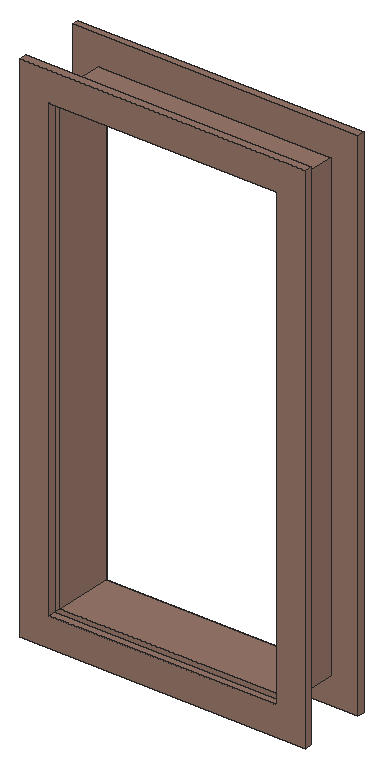
Revit family
Parameters (values of type "24" x 48"")
  Height = 4' - 0"
  Sill Height = 3' - 0"
  Trim Material = Trim
  Trim Thickness = 0' - 0 3/4"
  Trim Width = 0' - 3"
  Width = 2' - 0"
Types (10): name | Height | Sill Height | Width
  (no name) | 4' - 0" | 3' - 0" | 2' - 0"
  36" x 48" | 4' - 0" | 3' - 0" | 3' - 0"
  36" x 24" | 2' - 0" | 3' - 0" | 3' - 0"
  36" x 72" | 6' - 0" | 1' - 0" | 3' - 0"
  24" x 72" | 6' - 0" | 1' - 0" | 2' - 0"
  24" x 48" | 4' - 0" | 3' - 0" | 2' - 0"
  24" x 24" | 2' - 0" | 3' - 0" | 2' - 0"
  16" x 24" | 2' - 0" | 3' - 0" | 1' - 4"
  16" x 48" | 4' - 0" | 3' - 0" | 1' - 4"
  16" x 72" | 6' - 0" | 1' - 0" | 1' - 4"
Reference planes (in)
  plane 1: y = 0
  plane 2 "Center (Left/Right)": x = -0.32239
  plane 3 "Right": x = 11.67761
  plane 4 "Left": x = -12.32239
  plane 5 "Top": z = 84
  plane 6: y = 3.75
  plane 7: y = -3.75
  plane 8: z = 36
Forms (in)
  Sweep 1, solid, material "Trim" <- "Trim Material"
    path in 3D
      loop
        line (11.67761, 3, 84) -> (-12.32239, 3, 84) -> (-12.32239, 3, 36) -> (11.67761, 3, 36) -> (11.67761, 3, 84)
    profile origin (11.67761, 0, 60) x (0, 1, 0) y (-1, 0, 0)
      loop
        line (3, 0) -> (3, 0.75) -> (-3, 0.75) -> (-3, 0) -> (3, 0)
  Extrusion 2, solid, material "Trim" <- "Trim Material"
    sketch origin (-60, 3, 0) x (-1, 0, 0) y (0, 0, 1)
      loop
        line (-74.42761, 33.25) -> (-44.92761, 33.25) -> (-44.92761, 87) -> (-74.42761, 87) -> (-74.42761, 33.25)
      loop
        line (-47.92761, 36.25) -> (-47.92761, 83.75) -> (-71.42761, 83.75) -> (-71.42761, 36.25) -> (-47.92761, 36.25)
    from 0 to 0.75
  Extrusion 3, solid, material "Trim" <- "Trim Material"
    sketch origin (-60, -3, 0) x (1, 0, 0) y (0, 0, 1)
      loop
        line (47.92761, 83.75) -> (47.92761, 36.25) -> (71.42761, 36.25) -> (71.42761, 83.75) -> (47.92761, 83.75)
      loop
        line (44.92761, 33.25) -> (74.42761, 33.25) -> (74.42761, 86.75) -> (44.92761, 86.75) -> (44.92761, 33.25)
    from 0 to 0.75
Lines and regions (in)
  Opening 1
    outline origin (-60, -3, 0) x (1, 0, 0) y (0, 0, 1)
      loop
        line (71.67761, 84) -> (47.67761, 84) -> (47.67761, 36) -> (71.67761, 36) -> (71.67761, 84)
  symbolic lines, style "GenericModel"
    curve 1: line (-12.32239, 3, 0) -> (11.67761, 3, 0)
    curve 2: line (-12.32239, -3, 0) -> (11.67761, -3, 0)
  sketch lines
    curve 3: line (11.67761, 3, 36) -> (11.67761, 3, 84)
    curve 4: line (11.67761, 3, 84) -> (-12.32239, 3, 84)
    curve 5: line (-12.32239, 3, 84) -> (-12.32239, 3, 36)
    curve 6: line (-12.32239, 3, 36) -> (11.67761, 3, 36)
  symbolic lines
    curve 7: line (-12.32239, -3, 0) -> (-12.32239, 3, 0)
    curve 8: line (11.67761, -3, 0) -> (11.67761, 3, 0)
Text (in)
  text "Placement Side" at (0, 40.15149, 123.01588), in view "Right"
  text "Placement Side" at (-70.3804, 49.97178, 0), in view "Ref. Level"
  text "Placement Side" at (0, 59.21414, 117.1547), in view "Left"
Dimensions and locks (in)
  "Width": plane 4 "Left" to plane 3 "Right"
  equal spacing: plane 4 "Left", plane 2 "Center (Left/Right)", plane 3 "Right"
  "Trim Thickness": Sweep 1 sketch curve to plane 3 "Right"
  locked: plane 3 "Right" to Extrusion 2 sketch curve at 0.25
  "Trim Width": Extrusion 2 sketch curve to Extrusion 2 sketch curve  (x3)
  locked: plane 4 "Left" to Extrusion 2 sketch curve at 0.25
  locked: Extrusion 2 sketch curve to plane 5 "Top" at 0.25
  "Trim Width": Sweep 1 to Extrusion 2 sketch curve
  locked: Extrusion 3 sketch curve to plane 4 "Left" at 0.25
  "Trim Width": Extrusion 3 sketch curve to Extrusion 3 sketch curve  (x4)
  locked: plane 5 "Top" to Extrusion 3 sketch curve at 0.25
  locked: plane 3 "Right" to Extrusion 3 sketch curve at 0.25
  "Trim Thickness": host wall to plane 6
  "Trim Thickness": plane 7 to host wall
  "Sill Height": host wall to plane 8
  "Height": plane 8 to plane 5 "Top"
  locked: plane 8 to Extrusion 2 sketch curve at 0.25
  locked: Extrusion 3 sketch curve to plane 8 at 0.25
  aligned and locked: plane 3 "Right" to Opening 1 sketch curve
  aligned and locked: Opening 1 sketch curve to plane 5 "Top"
  aligned and locked: Opening 1 sketch curve to plane 4 "Left"
  aligned and locked: host wall to Sweep 1 sketch curve  (x2)
  aligned and locked: Extrusion 2 to plane 6
  aligned and locked: plane 7 to Extrusion 3
  aligned and locked: plane 8 to Opening 1 sketch curve
Automatic sketch dimensions
  Sweep 1 sketch curve to Sweep 1 sketch curve = 0' - 0 3/4"
  curve 7 to host wall = 0' - 0"
  curve 7 to plane 4 "Left" = 0' - 0"
  curve 2 to host wall = 0' - 0"
  curve 1 to plane 3 "Right" = 0' - 0"
